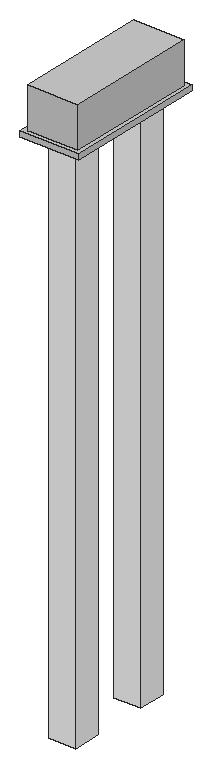
Revit family "BS_FM_Đài Móng - 2 cọc", category Structural Foundations, Revit 2019
Family settings
  Material for Model Behavior = Concrete
  Cap = No
  OmniClass Number = 23.25.05.11
  OmniClass Title = Foundation Piles
  Work Plane-Based = No
  Always vertical = Yes
  Cut with Voids When Loaded = No
  Shared = No
Parameters (values of type "1000 x 1000 x 900mm")
  h_BaoVe [instance] = 120 mm
  a2_BaoVe [instance] = 100 mm
  a1_BaoVe [instance] = 100 mm
  Width = 2 * KhoangCachMepCoc + Diameter  # 1100 mm
  Structural Material [instance] = Concrete, Cast-in-Place gray
  Length = KhoangCach2TimCoc + 2 * KhoangCachMepCoc + Diameter  # 2900 mm
  KhoangCachMepCoc = 250 mm
  KhoangCach2TimCoc = HeSoCoc * Diameter  # 1800 mm
  HeSoCoc = 3
  Foundation Thickness = 900 mm
  Diameter = 600 mm
  Depth = 12000 mm
  Cut-off = 150 mm
  BS_Cọc Vuông = yes
  BS_Cọc Tròn = no
  BS_BeTongMong = @BS-BeTongCotThep
  BS_BeTongLot = @BS-BeTong
  BS_BeTongCoc = Steel, 45-345
  Assembly Code = "A1010130"
Reference planes
  plane 1 "Center (Front/Back)": y = 0
  plane 2: z = 0
  plane 3 "Center (Left/Right)": x = 0
  plane 4: x = -550
  plane 5: x = 550
  plane 6: y = 1450
  plane 7: y = -1450
  plane 8: z = -900
  plane 9: z = -750
  plane 10: z = -1020
  plane 11: y = 900
  plane 12: y = -900
Forms (mm)
  Extrusion 1, solid, material "@BS-BeTongCotThep" <- "BS_BeTongMong"
    sketch origin (0, 0, 0) x (1, 0, 0) y (0, 1, 0)
      loop
        line (-550, 1450) -> (-550, -1450) -> (550, -1450) -> (550, 1450) -> (-550, 1450)
    from -900 to 0
  Extrusion 2, solid, material "@BS-BeTong" <- "BS_BeTongLot"
    sketch origin (0, 0, 0) x (1, 0, 0) y (0, 1, 0)
      loop
        line (-650, 1550) -> (-650, -1550) -> (650, -1550) -> (650, 1550) -> (-650, 1550)
    from -1020 to -900
Dimensions and locks
  "Width": plane 4 to plane 5
  equal spacing: plane 4, plane 3 "Center (Left/Right)", plane 5
  "Foundation Thickness": plane 2 to plane 8
  "Cut-off": plane 9 to plane 8
  "a2_BaoVe": plane 7 to Extrusion 2 sketch curve
  "a2_BaoVe": Extrusion 2 sketch curve to plane 6
  "a1_BaoVe": Extrusion 2 sketch curve to plane 4
  "a1_BaoVe": Extrusion 1 to Extrusion 2 sketch curve
  "h_BaoVe": plane 10 to plane 8
  "KhoangCach2TimCoc": plane 11 to plane 12
  equal spacing: plane 11, plane 1 "Center (Front/Back)", plane 12
  equal spacing: plane 7, plane 1 "Center (Front/Back)", plane 6
  "Length": plane 6 to plane 7
  aligned and locked: plane 4 to Extrusion 1 sketch curve
  aligned and locked: Extrusion 1 sketch curve to plane 5
  aligned and locked: Extrusion 1 sketch curve to plane 6
  aligned and locked: plane 7 to Extrusion 1 sketch curve
  aligned and locked: level to Extrusion 1
  aligned and locked: Extrusion 1 to plane 8
  aligned and locked: Extrusion 2 to Extrusion 1
  aligned and locked: Extrusion 2 to plane 10
  aligned and locked: nested 1 to plane 11
  aligned and locked: plane 3 "Center (Left/Right)" to nested 1
  aligned and locked: nested 2 to plane 12
  aligned and locked: plane 3 "Center (Left/Right)" to nested 2
  aligned and locked: nested 4 to plane 12
  aligned and locked: nested 3 to plane 11
  aligned and locked: plane 3 "Center (Left/Right)" to nested 3
  aligned and locked: plane 3 "Center (Left/Right)" to nested 4
  aligned and locked: plane 8 to nested 3
  aligned and locked: plane 8 to nested 1
  aligned and locked: plane 8 to nested 4
  aligned and locked: plane 8 to nested 2
Nested families
  nested 1: "BS_FM_Pile-Cọc Tròn" at (0, 900, -900), Minimum Embedment <- "Cut-off", Diameter <- "Diameter", Depth <- "Depth", Structural Material <- "BS_BeTongCoc", visible <- "BS_Cọc Tròn", type "300mm Diameter"
    with Structural Material Steel, 45-345, Radius 300 mm, Minimum Embedment 150 mm, Diameter 600 mm, Depth 12000 mm
  nested 2: "BS_FM_Pile-Cọc Tròn" at (0, -900, -900), Minimum Embedment <- "Cut-off", Diameter <- "Diameter", Depth <- "Depth", Structural Material <- "BS_BeTongCoc", visible <- "BS_Cọc Tròn", type "300mm Diameter"
    with Structural Material Steel, 45-345, Radius 300 mm, Minimum Embedment 150 mm, Diameter 600 mm, Depth 12000 mm
  nested 3: "BS_FM_Pile-Cọc Vuông" at (0, 900, -900), Minimum Embedment <- "Cut-off", Diameter <- "Diameter", Depth <- "Depth", Structural Material <- "BS_BeTongCoc", visible <- "BS_Cọc Vuông", type "250mm Diameter"
    with Structural Material Steel, 45-345, Radius 300 mm, Minimum Embedment 150 mm, Diameter 600 mm, Depth 12000 mm
  nested 4: "BS_FM_Pile-Cọc Vuông" at (0, -900, -900), Minimum Embedment <- "Cut-off", Diameter <- "Diameter", Depth <- "Depth", Structural Material <- "BS_BeTongCoc", visible <- "BS_Cọc Vuông", type "250mm Diameter"
    with Structural Material Steel, 45-345, Radius 300 mm, Minimum Embedment 150 mm, Diameter 600 mm, Depth 12000 mm
Definition of nested family "BS_FM_Pile-Cọc Tròn"
  Parameters (values of type "600mm Diameter")
    Structural Material [instance] = none
    Radius [instance] = Diameter / 2  # 300 mm
    Minimum Embedment [instance] = 152 mm
    Diameter [instance] = 600 mm
    Depth [instance] = 6000 mm
    Assembly Code = "A1020130"
  Types (4): name
    600mm Diameter
    300mm Diameter
    400mm Diameter
    500mm Diameter
  Reference planes
    plane 1 "Center (Front/Back)": y = 0
    plane 2: z = 0
    plane 3 "Center (Left/Right)": x = 0
    plane 4: z = -6000
    plane 5: z = 152
  Forms (mm)
    Extrusion 1, solid, material <- "Structural Material"
      sketch origin (0, 0, 0) x (1, 0, 0) y (0, 1, 0)
        loop
          circle (0, 0) r 300
      from -6000 to 152
  Dimensions and locks
    "Depth": plane 2 to plane 4
    "Minimum Embedment": plane 5 to plane 2
    "Radius": radius of Extrusion 1 sketch curve
    aligned and locked: Extrusion 1 to plane 4
    aligned and locked: Extrusion 1 to plane 5
    aligned and locked: plane 1 "Center (Front/Back)" to nested 1
    aligned and locked: plane 3 "Center (Left/Right)" to nested 1
  Automatic sketch dimensions
    plane 1 "Center (Front/Back)" to Extrusion 1 sketch curve = 0 mm
    Extrusion 1 sketch curve to plane 3 "Center (Left/Right)" = 0 mm
  Nested families
    nested 1: "BS_LINE_TimCoc" at (0, 0, 0), type "BS_LINE_TimCoc"
      with LINE 700 mm, DK 600 mm
  Definition of nested family "BS_LINE_TimCoc"
    Parameters (values of type "BS_LINE_TimCoc")
      LINE = DK + 100 mm  # 780 mm
      DK = 680 mm
    Reference planes
      plane 1 "Center (Front/Back)": y = 0
      plane 2: z = 0
      plane 3 "Center (Left/Right)": x = 0
    Lines and regions (mm)
      detail lines, in view "Ref. Level", not visible
        curve 1: circle (0, 0, 0) r 340 normal (0, 0, 1)
      detail lines, in view "Ref. Level"
        curve 2: line (-390, 0, 0) -> (390, 0, 0)
        curve 3: line (0, 390, 0) -> (0, -390, 0)
    Dimensions and locks
      equal spacing: curve 2, plane 3 "Center (Left/Right)", curve 2
      equal spacing: curve 3, plane 1 "Center (Front/Back)", curve 3
      "LINE": curve 3 to curve 3
      "LINE": curve 2 to curve 2
      "DK": diameter of curve 1
    Automatic sketch dimensions
      curve 3 to plane 3 "Center (Left/Right)" = 0 mm
      plane 1 "Center (Front/Back)" to curve 1 = 0 mm
      curve 1 to plane 3 "Center (Left/Right)" = 0 mm
      plane 1 "Center (Front/Back)" to curve 2 = 0 mm
Definition of nested family "BS_FM_Pile-Cọc Vuông"
  Parameters (values of type "600mm Diameter")
    Structural Material [instance] = none
    Radius [instance] = Diameter / 2  # 125 mm
    Minimum Embedment [instance] = 150 mm
    Diameter [instance] = 250 mm
    Depth [instance] = 6000 mm
    Assembly Code = "A1020130"
  Types (6, lengths in mm): name | Radius | Diameter
    600mm Diameter | 125 | 250
    200mm Diameter | 300 | 600
    250mm Diameter | 300 | 600
    300mm Diameter | 300 | 600
    400mm Diameter | 300 | 600
    500mm Diameter | 300 | 600
  Reference planes
    plane 1 "Center (Front/Back)": y = 0
    plane 2: z = 0
    plane 3 "Center (Left/Right)": x = 0
    plane 4: z = -6000
    plane 5: z = 150
  Forms (mm)
    Extrusion 1, solid, material <- "Structural Material"
      sketch origin (0, 0, 0) x (1, 0, 0) y (0, 1, 0)
        loop
          line (-125, -125) -> (125, -125) -> (125, 125) -> (-125, 125) -> (-125, -125)
      from -6000 to 150
  Dimensions and locks
    "Depth": plane 2 to plane 4
    "Minimum Embedment": plane 5 to plane 2
    equal spacing: Extrusion 1 sketch curve, plane 3 "Center (Left/Right)", Extrusion 1 sketch curve
    "Diameter": Extrusion 1 sketch curve to Extrusion 1 sketch curve  (x2)
    equal spacing: Extrusion 1 sketch curve, plane 1 "Center (Front/Back)", Extrusion 1 sketch curve
    aligned and locked: Extrusion 1 to plane 4
    aligned and locked: Extrusion 1 to plane 5
    aligned and locked: plane 3 "Center (Left/Right)" to nested 1
    aligned and locked: plane 1 "Center (Front/Back)" to nested 1  (x2)
    aligned and locked: nested 1 to plane 3 "Center (Left/Right)"
  Nested families
    nested 1: "BS_Line_TimCoc" at (0, 0, 0), type "BS_Line_TimCoc"
      with LINE 350 mm, DK 250 mm
  Definition of nested family "BS_Line_TimCoc"
    Parameters (values of type "BS_Line_TimCoc")
      LINE = DK + 100 mm  # 780 mm
      DK = 680 mm
    Reference planes
      plane 1 "Center (Front/Back)": y = 0
      plane 2: z = 0
      plane 3 "Center (Left/Right)": x = 0
    Lines and regions (mm)
      detail lines, in view "Ref. Level", not visible
        curve 1: circle (0, 0, 0) r 340 normal (0, 0, 1)
      detail lines, in view "Ref. Level"
        curve 2: line (-390, 0, 0) -> (390, 0, 0)
        curve 3: line (0, 390, 0) -> (0, -390, 0)
    Dimensions and locks
      equal spacing: curve 2, plane 3 "Center (Left/Right)", curve 2
      equal spacing: curve 3, plane 1 "Center (Front/Back)", curve 3
      "LINE": curve 3 to curve 3
      "LINE": curve 2 to curve 2
      "DK": diameter of curve 1
    Automatic sketch dimensions
      curve 3 to plane 3 "Center (Left/Right)" = 0 mm
      plane 1 "Center (Front/Back)" to curve 1 = 0 mm
      curve 1 to plane 3 "Center (Left/Right)" = 0 mm
      plane 1 "Center (Front/Back)" to curve 2 = 0 mm
